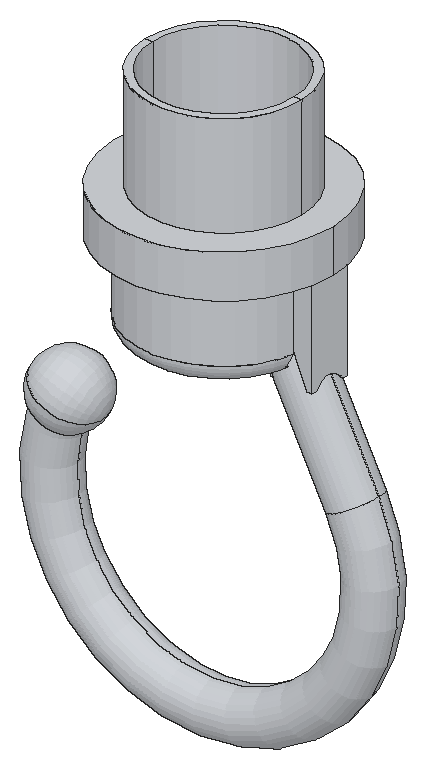
Revit family "MH1B", category Generic Models, Revit 2017
Family settings
  Can host rebar = No
  Round Connector Dimension = Use Diameter
  Part Type = Normal
  Work Plane-Based = Yes
  Always vertical = No
  Cut with Voids When Loaded = No
  Shared = No
  Room Calculation Point = No
Parameters (values of type "NBS Standard Parameters")
  Weight = "0.0975Kg"
  WarrantyStartDate [instance] = "1900-12-31T23:59:59"
  WarrantyGuarantorParts = "n/a"
  WarrantyGuarantorLabor = "n/a"
  WarrantyDurationUnit = "1 year"
  WarrantyDurationParts = "n/a"
  WarrantyDurationLabor = "n/a"
  WarrantyDescription = "n/a"
  Version = "1"
  Uniclass2 = "Pr_65_70_11_20"
  TagNumber [instance] = "n/a"
  SustainabilityPerformance = "n/a"
  Size = "20mm"
  Shape = "Circular"
  SerialNumber [instance] = "n/a"
  Revision = "n/a"
  ReplacementCost = "n/a"
  ProductInformation = "www.metpro.co.uk/pdf/mh1g.pdf"
  NominalWidth = 35 mm
  NominalLength = 17 mm
  NominalHeight = 52 mm
  Name = ""
  NBSTypeID = ""
  NBSReference = "90-55-10/460"
  NBSOfficeMasterTag = ""
  NBSNote = ""
  NBSDescription = "Conduit Fittings"
  NBSCertification = ""
  ModelReference = "MH1B"
  ModelNumber = "n/a"
  Material = "Zinc Die Cast"
  ManufacturerURL = "www.metpro.co.uk"
  ManufacturerName = "Metpro Ltd"
  Keynote = "Compliant to LU standard 1-085"
  InstallationDate [instance] = "1900-12-31T23:59:59"
  IfcExportType = ""
  IfcExportAs = ""
  Grade = "n/a"
  Finish = "Black"
  Features = "n/a"
  ExpectedLife = "n/a"
  DurationUnit = "year"
  Description = "MH1B  - 20mm Male Hook"
  Default Elevation = 1219.2 mm
  Constituents = "n/a"
  Color = "n/a"
  CodePerformance = "n/a"
  Category = "n/a"
  BarCode [instance] = "n/a"
  BIMObjectName = "Metpro_Metprolibrary_Conduitfittings_metalcomponent_Steelaccessories"
  Author = "Metpro Ltd"
  AssetType = ""
  AssetIdentifier [instance] = "n/a"
  AccessibilityPerformance = "n/a"
Reference planes
  plane 1 "Center (Front/Back)": y = 0
  plane 2: z = 0
  plane 3 "Center (Left/Right)": x = 0
Forms (mm)
  Revolve 1, solid
    sketch origin (0, 5162.785, 5271.368) x (0, 0, -1) y (-1, 0, 0)
      loop
        line (5131.808, 100.3) -> (5146.808, 100.3) -> (5146.808, 99.095) -> (5159.409, 99.095)
        arc (5159.409, 99.095) -> (5161.105, 99.798) -> (5161.808, 101.494) r 2.399
        line (5161.808, 101.494) -> (5161.808, 103.423) -> (5160.808, 103.423) -> (5160.808, 101.494)
        arc (5160.808, 101.494) -> (5160.398, 100.505) -> (5159.409, 100.095) r 1.399
        line (5159.409, 100.095) -> (5147.808, 100.095) -> (5147.808, 101.3) -> (5131.808, 101.3) -> (5131.808, 100.3)
      axis (5131.808, 110.3) -> (5161.808, 110.3)
    angle from 0 to 360
  Sweep 2, solid
    path origin (0, 5162.785, 5271.368) x (0, 0, -1) y (-1, 0, 0)
      loop
        line (5159.447, 101.417) -> (5175.152, 93.415)
        arc (5175.152, 93.415) -> (5204.94, 111.67) -> (5175.152, 129.924) r 20.487
    profile origin (-97.416, 5162.785, 104.068) x (-0.891007, 0, -0.45399) y (0, 1, 0)
      loop
        circle (0, 0) r 3.2
  Extrusion 3, solid
    sketch origin (-110.3, 5162.785, 124.56) x (0, -1, 0) y (1, 0, 0)
      loop
        circle (0, 0) r 9
      loop
        circle (0, 0) r 14
    from -3.528 to 2
  Revolve 4, solid
    sketch origin (-129.924, 5162.785, 96.216) x (0, 1, 0) y (-0.891007, 0, 0.45399)
      loop
        arc (0.765, -4.562) -> (4.574, 0.694) -> (-0.682, 4.503) r 4.59
        line (-0.682, 4.503) -> (0.765, -4.562)
      axis (0.765, -4.562) -> (-0.682, 4.503)
    angle from 0 to 360
  Extrusion 5, solid
    sketch origin (-110.3, 5162.785, 121.032) x (1, 0, 0) y (0, -1, 0)
      loop
        line (9.859, -2.698) -> (13.798, -2.368) -> (13.371, 2.732) -> (7.848, 2.269) -> (9.859, -2.698)
    from 0 to 12.639
Dimensions and locks
  aligned and locked: level to plane 2
